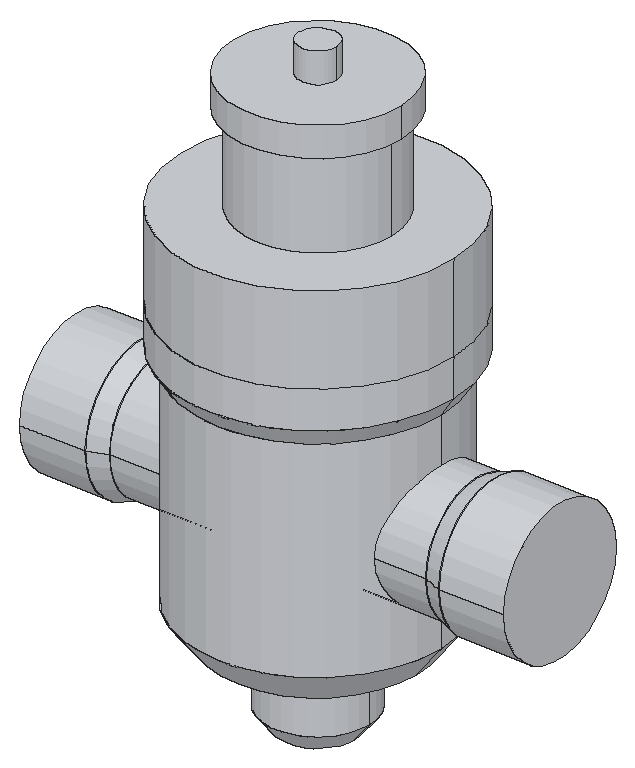
Revit family "VSX09P_DN15_PN16_RFA_2018", category Pipe Accessories, Revit 2018
Family settings
  Round Connector Dimension = Use Diameter
  Part Type = Valve - Breaks Into
  Work Plane-Based = No
  Always vertical = Yes
  Cut with Voids When Loaded = No
  Shared = No
Parameters (values of type "VSX09P G1/2  PN16 kvs0,25")
  magiProductId = ""
  magiProductFamilyId = ""
  magiPartTypeId = 306
  isMeasuringValve [instance] = no
  ang2D [instance] = 0.00°
  Z8 = 4 mm
  Z7__ve = -Z7  # -3.2 mm
  Z7 = 3.2 mm
  Z5 = 9.45 mm
  Z3 = 2 mm
  Z2 = 4.6 mm
  Z1 = 3.45 mm
  X4__ve = -X4  # -7 mm
  X4 = 7 mm
  X3 = 34 mm
  W2D = 15 mm
  VersionID = ""
  Use Minimum Symbol Size [instance] = yes
  URL = "www.hydronix.cz"
  Type Comments = "Závitový, vnější závit, ploché těsnění; LIN charakteristika; PN16; +5~+95°C; max.rychlost proudění 3,0 m/s"
  R9 = 9 mm
  R8 = 2 mm
  R7 = 14.63 mm
  R6 = 10.64 mm
  R5 = 6.703 mm
  R4 = 5.586 mm
  R3 = 3.99 mm
  R2 = 13.3 mm
  R10 = 8 mm
  R1 = 6.75 mm
  QmdConnectorList = "301;D;302;D"
  Productdata [instance] = ""
  Manufacturer = "Hydronix"
  MC Product Code = "VSX09P (G1/2\"; dpmax=250kPa; kvs 0,25)"
  LT2 = 19 mm
  L2D_Min = 3048 mm
  L2D = 38 mm
  H1 = 22.5 mm
  H = 27 mm
  E = 16 mm
  Description = "2 cestný regulační ventil malých spotřebičů, DN15; zdvih 2,5mm; max dp 250kPa; kvs0,25"
  DT2 = 7.5 mm
  D = 15 mm
  CAT0 = yes
  C = 23 mm
Types (8, lengths in mm): name | Z5 | Z2 | Z1 | X3 | R7 | R6 | R5 | R4 | R3 | R2 | R1 | MC Product Code | LT2 | H | Description | DT2 | D | C
  VSX09P G1/2  PN16 kvs0,25 | 9.45 | 4.6 | 3.45 | 34 | 14.63 | 10.64 | 6.703 | 5.586 | 3.99 | 13.3 | 6.75 | "VSX09P (G1/2\"; dpmax=250kPa; kvs 0,25)" | 19 | 27 | "2 cestný regulační ventil malých spotřebičů, DN15; zdvih 2,5mm; max dp 250kPa; kvs0,25" | 7.5 | 15 | 23
  VSX10P G1/2  PN16 kvs0,4 | 9.45 | 4.6 | 3.45 | 34 | 14.63 | 10.64 | 6.703 | 5.586 | 3.99 | 13.3 | 6.75 | "VSX10P (G1/2\"; dpmax=250kPa; kvs 0,4)" | 19 | 27 | "2 cestný regulační ventil malých spotřebičů, DN15; zdvih 2,5mm; max dp 250kPa; kvs0,4" | 7.5 | 15 | 23
  VSX11P G1/2  PN16 kvs0,6 | 9.45 | 4.6 | 3.45 | 34 | 14.63 | 10.64 | 6.703 | 5.586 | 3.99 | 13.3 | 6.75 | "VSX11P (G1/2\"; dpmax=250kPa; kvs 0,6)" | 19 | 27 | "2 cestný regulační ventil malých spotřebičů, DN15; zdvih 2,5mm; max dp 250kPa; kvs0,6" | 7.5 | 15 | 23
  VSX12P G1/2  PN16 kvs1,0 | 9.45 | 4.6 | 3.45 | 34 | 14.63 | 10.64 | 6.703 | 5.586 | 3.99 | 13.3 | 6.75 | "VSX12P (G1/2\"; dpmax=250kPa; kvs 1,0)" | 19 | 27 | "2 cestný regulační ventil malých spotřebičů, DN15; zdvih 2,5mm; max dp 250kPa; kvs1,0" | 7.5 | 15 | 23
  VSX13P G1/2  PN16 kvs1,6 | 9.45 | 4.6 | 3.45 | 34 | 14.63 | 10.64 | 6.703 | 5.586 | 3.99 | 13.3 | 6.75 | "VSX13P (G1/2\"; dpmax=250kPa; kvs 1,6)" | 19 | 27 | "2 cestný regulační ventil malých spotřebičů, DN15; zdvih 2,5mm; max dp 250kPa; kvs1,6" | 7.5 | 15 | 23
  VSX21P G3/4  PN16 kvs2,5 | 9.1 | 4.8 | 3.6 | 38 | 16.17 | 11.76 | 7.409 | 6.174 | 4.41 | 14.7 | 9 | "VSX21P (G3/4\"; dpmax=150kPa; kvs 2,5)" | 21 | 26 | "2 cestný regulační ventil malých spotřebičů, DN20; zdvih 2,5mm; max dp 150kPa; kvs2,5" | 10 | 20 | 24
  VSX24P G3/4  PN16 kvs4,0 | 9.1 | 4.8 | 3.6 | 38 | 16.17 | 11.76 | 7.409 | 6.174 | 4.41 | 14.7 | 9 | "VSX24P (G3/4\"; dpmax=150kPa; kvs 4,0)" | 21 | 26 | "2 cestný regulační ventil malých spotřebičů, DN20; zdvih 2,5mm; max dp 150kPa; kvs4,0" | 10 | 20 | 24
  VSX26P G3/4  PN16 kvs6,0 | 9.1 | 4.8 | 3.6 | 38 | 16.17 | 11.76 | 7.409 | 6.174 | 4.41 | 14.7 | 9 | "VSX26P (G3/4\"; dpmax=150kPa; kvs 6,0)" | 21 | 26 | "2 cestný regulační ventil malých spotřebičů, DN20; zdvih 2,5mm; max dp 150kPa; kvs6,0" | 10 | 20 | 24
Reference planes
  plane 1 "Center (Front/Back)": y = 0
  plane 2 "XYPLANE": z = 0
  plane 3 "Center (Left/Right)": x = 0
  plane 4 "271": z = 36.6
  plane 5 "254": z = 11.55
  plane 6 "253": z = 17.55
  plane 7 "148": z = 39.8
  plane 8 "132": z = 43
  plane 9 "62": z = 13.55
  plane 10 "53": z = 27
  plane 11 "52": z = -10.95
  plane 12 "48": z = -14.4
  plane 13 "47": z = -16.4
  plane 14 "38": z = -21
  plane 15 "37": x = 17
  plane 16 "36": x = 19
  plane 17 "23": z = -23
  plane 18 "19": x = -17
  plane 19 "15": x = -19
  plane 20 "6": x = 26
  plane 21 "5": x = -26
  plane 22 "3": z = 0
  plane 23 "2": y = 0
  plane 24 "1": x = 0
Forms (mm)
  Extrusion 1, solid, visible <- "CAT0"
    sketch origin (-750, 0, 43) x (1, 0, 0) y (0, 1, 0)
      loop
        circle (750, 0) r 2
    from 0 to -3.2 <- "Z7__ve"
  Extrusion 2, solid, visible <- "CAT0"
    sketch origin (-750, 0, 36.6) x (1, 0, 0) y (0, 1, 0)
      loop
        circle (750, 0) r 8
    from 0 to -19
  Extrusion 3, solid, visible <- "CAT0"
    sketch origin (-17, -750, 0) x (0, 1, 0) y (0, 0, 1)
      loop
        circle (750, 0) r 6.75
    from 0 to 34 <- "X3"
  Extrusion 4, solid
    sketch origin (-750, 0, 13.55) x (1, 0, 0) y (0, 1, 0)
      loop
        circle (750, 0) r 14.63
    from 0 to 4 <- "Z8"
  Extrusion 5, solid
    sketch origin (-750, 0, 39.8) x (1, 0, 0) y (0, 1, 0)
      loop
        circle (750, 0) r 9
    from 0 to -3.2 <- "Z7__ve"
  Extrusion 6, solid
    sketch origin (-750, 0, 17.55) x (1, 0, 0) y (0, 1, 0)
      loop
        circle (750, 0) r 14.63
    from 0 to 9.45 <- "Z5"
  Blend 7, solid
    base sketch origin (-750, 0, 11.55) x (1, 0, 0) y (0, 1, 0)
      loop
        circle (750, 0) r 13.3
    top sketch origin (-750, 0, 11.55) x (1, 0, 0) y (0, 1, 0)
      loop
        circle (750, 0) r 14.63
    from 0 to 2
  Blend 8, solid
    base sketch origin (-750, 0, -10.95) x (1, 0, 0) y (0, 1, 0)
      loop
        circle (750, 0) r 13.3
    top sketch origin (-750, 0, -10.95) x (1, 0, 0) y (0, 1, 0)
      loop
        circle (750, 0) r 10.64
    from 0 to -3.45
  Blend 9, solid
    base sketch origin (-750, 0, -14.4) x (1, 0, 0) y (0, 1, 0)
      loop
        circle (750, 0) r 6.703
    top sketch origin (-750, 0, -14.4) x (1, 0, 0) y (0, 1, 0)
      loop
        circle (750, 0) r 5.586
    from 0 to -2
  Extrusion 10, solid
    sketch origin (-750, 0, -21) x (1, 0, 0) y (0, 1, 0)
      loop
        circle (750, 0) r 5.586
    from 0 to 4.6 <- "Z2"
  Blend 11, solid
    base sketch origin (-750, 0, -23) x (1, 0, 0) y (0, 1, 0)
      loop
        circle (750, 0) r 3.99
    top sketch origin (-750, 0, -23) x (1, 0, 0) y (0, 1, 0)
      loop
        circle (750, 0) r 5.586
    from 0 to 2
  Extrusion 12, solid
    sketch origin (26, -750, 0) x (0, 1, 0) y (0, 0, 1)
      loop
        circle (750, 0) r 7.5
    from 0 to -7 <- "X4__ve"
  Blend 13, solid
    base sketch origin (19, -750, 0) x (0, 1, 0) y (0, 0, 1)
      loop
        circle (750, 0) r 7.5
    top sketch origin (19, -750, 0) x (0, 1, 0) y (0, 0, 1)
      loop
        circle (750, 0) r 6.75
    from 0 to -2
  Extrusion 14, solid
    sketch origin (-750, 0, -10.95) x (1, 0, 0) y (0, 1, 0)
      loop
        circle (750, 0) r 13.3
    from 0 to 22.5 <- "H1"
  Blend 15, solid
    base sketch origin (-19, -750, 0) x (0, 1, 0) y (0, 0, 1)
      loop
        circle (750, 0) r 7.5
    top sketch origin (-19, -750, 0) x (0, 1, 0) y (0, 0, 1)
      loop
        circle (750, 0) r 6.75
    from 0 to 2
  Extrusion 16, solid
    sketch origin (-26, -750, 0) x (0, 1, 0) y (0, 0, 1)
      loop
        circle (750, 0) r 7.5
    from 0 to 7 <- "X4"
  Extrusion 17, solid, not visible
    sketch origin (19, -750, 0) x (0, 1, 0) y (0, 0, 1)
      loop
        circle (750, 0) r 10
    from 0 to -10
  Extrusion 18, solid, not visible
    sketch origin (-19, -750, 0) x (0, 1, 0) y (0, 0, 1)
      loop
        circle (750, 0) r 10
    from 0 to 10
Lines and regions (mm)
  reference lines, not visible
    curve 1: circle (2, 2, 0) r 1 normal (0, 0, 1)
Dimensions and locks
  plane 1 "Center (Front/Back)" to curve 1 = 2 mm
  "Z7": plane 7 "148" to plane 4 "271"
  "Z3": plane 9 "62" to plane 5 "254"
  "Z5": plane 10 "53" to plane 6 "253"
  "Z7": plane 8 "132" to plane 7 "148"
  "E": plane 10 "53" to plane 8 "132"
  "Z8": plane 6 "253" to plane 9 "62"
  "H": plane 2 "XYPLANE" to plane 10 "53"
  "Z1": plane 12 "48" to plane 11 "52"
  "Z3": plane 13 "47" to plane 12 "48"
  "Z2": plane 14 "38" to plane 13 "47"
  "Z3": plane 17 "23" to plane 14 "38"
  locked: plane 16 "36" to plane 15 "37" at 2
  "LT2": plane 3 "Center (Left/Right)" to plane 16 "36"
  "C": plane 2 "XYPLANE" to plane 17 "23"
  locked: plane 19 "15" to plane 18 "19" at 2
  "LT2": plane 3 "Center (Left/Right)" to plane 19 "15"
  "X4": plane 16 "36" to plane 20 "6"
  "X4": plane 19 "15" to plane 21 "5"
  locked: plane 2 "XYPLANE" to plane 22 "3"
  locked: plane 1 "Center (Front/Back)" to plane 23 "2"
  locked: plane 3 "Center (Left/Right)" to plane 24 "1"
  "R8": radius of Extrusion 1 sketch curve
  "R10": radius of Extrusion 2 sketch curve
  "R1": radius of Extrusion 3 sketch curve
  "R7": radius of Extrusion 4 sketch curve
  "R9": radius of Extrusion 5 sketch curve
  "R7": radius of Extrusion 6 sketch curve
  "R7": radius of Blend 7 sketch curve
  "R2": radius of Blend 7 sketch curve
  "R6": radius of Blend 8 sketch curve
  "R2": radius of Blend 8 sketch curve
  "R4": radius of Blend 9 sketch curve
  "R5": radius of Blend 9 sketch curve
  "R4": radius of Extrusion 10 sketch curve
  "R4": radius of Blend 11 sketch curve
  "R3": radius of Blend 11 sketch curve
  "DT2": radius of Extrusion 12 sketch curve
  "R1": radius of Blend 13 sketch curve
  "DT2": radius of Blend 13 sketch curve
  "R2": radius of Extrusion 14 sketch curve
  "R1": radius of Blend 15 sketch curve
  "DT2": radius of Blend 15 sketch curve
  "DT2": radius of Extrusion 16 sketch curve
  aligned and locked: level to plane 2 "XYPLANE"
  aligned and locked: plane 23 "2" to Extrusion 1 sketch curve
  aligned and locked: plane 24 "1" to Extrusion 1 sketch curve
  aligned and locked: plane 23 "2" to Extrusion 2 sketch curve
  aligned and locked: plane 24 "1" to Extrusion 2 sketch curve
  aligned and locked: plane 22 "3" to Extrusion 3 sketch curve
  aligned and locked: Extrusion 3 sketch curve to plane 23 "2"
  aligned and locked: plane 23 "2" to Extrusion 4 sketch curve
  aligned and locked: plane 24 "1" to Extrusion 4 sketch curve
  aligned and locked: plane 23 "2" to Extrusion 5 sketch curve
  aligned and locked: plane 24 "1" to Extrusion 5 sketch curve
  aligned and locked: plane 23 "2" to Extrusion 6 sketch curve
  aligned and locked: plane 24 "1" to Extrusion 6 sketch curve
  aligned and locked: plane 23 "2" to Blend 7 sketch curve  (x2)
  aligned and locked: plane 24 "1" to Blend 7 sketch curve  (x2)
  aligned and locked: plane 9 "62" to Blend 7
  aligned and locked: plane 23 "2" to Blend 8 sketch curve  (x2)
  aligned and locked: plane 24 "1" to Blend 8 sketch curve  (x2)
  aligned and locked: Blend 8 to plane 12 "48"
  aligned and locked: plane 23 "2" to Blend 9 sketch curve  (x2)
  aligned and locked: plane 24 "1" to Blend 9 sketch curve  (x2)
  aligned and locked: Blend 9 to plane 13 "47"
  aligned and locked: plane 23 "2" to Extrusion 10 sketch curve
  aligned and locked: plane 24 "1" to Extrusion 10 sketch curve
  aligned and locked: plane 23 "2" to Blend 11 sketch curve  (x2)
  aligned and locked: plane 24 "1" to Blend 11 sketch curve  (x2)
  aligned and locked: plane 14 "38" to Blend 11
  aligned and locked: plane 22 "3" to Extrusion 12 sketch curve
  aligned and locked: Extrusion 12 sketch curve to plane 23 "2"
  aligned and locked: plane 22 "3" to Blend 13 sketch curve  (x2)
  aligned and locked: Blend 13 sketch curve to plane 23 "2"  (x2)
  aligned and locked: Blend 13 to plane 15 "37"
  aligned and locked: plane 23 "2" to Extrusion 14 sketch curve
  aligned and locked: plane 24 "1" to Extrusion 14 sketch curve
  aligned and locked: plane 22 "3" to Blend 15 sketch curve  (x2)
  aligned and locked: Blend 15 sketch curve to plane 23 "2"  (x2)
  aligned and locked: plane 18 "19" to Blend 15
  aligned and locked: plane 22 "3" to Extrusion 16 sketch curve
  aligned and locked: Extrusion 16 sketch curve to plane 23 "2"
  aligned and locked: plane 22 "3" to Extrusion 17 sketch curve
  aligned and locked: Extrusion 17 sketch curve to plane 23 "2"
  aligned and locked: plane 22 "3" to Extrusion 18 sketch curve
  aligned and locked: Extrusion 18 sketch curve to plane 23 "2"
Automatic sketch dimensions
  plane 1 "Center (Front/Back)" to Extrusion 17 sketch curve = 10 mm
  plane 1 "Center (Front/Back)" to Extrusion 18 sketch curve = 10 mm
  plane 3 "Center (Left/Right)" to curve 1 = 2 mm
  radius of curve 1 = 1 mm
Connectors
  piping at (-19, 0, 0), diameter 15, driven by "D"
    settings: on Extrusion 18, index 1, connector inside diameter 609.6 mm, connector length 0 mm, flow factor 0, pipe flow 0.0 L/s, pressure drop 0.0 Pa, fitting loss kfactor 0, connector angle 0.00°, fixture units 0, engagement length 0 mm, angle of deflection 0.00°, flow configuration 0, flow direction 0, fitting loss method 0, system type 29, joint type 0, gender type 0, connector reference index 2, connector utility 0, adjustable connector no, is connector primary yes, connector description ""
  piping at (19, 0, 0), diameter 15, driven by "D"
    settings: on Extrusion 17, index 2, connector inside diameter 609.6 mm, connector length 0 mm, flow factor 0, pipe flow 0.0 L/s, pressure drop 0.0 Pa, fitting loss kfactor 0, connector angle 0.00°, fixture units 0, engagement length 0 mm, angle of deflection 0.00°, flow configuration 0, flow direction 0, fitting loss method 0, system type 29, joint type 0, gender type 0, connector reference index 1, connector utility 0, adjustable connector no, is connector primary no, connector description ""
